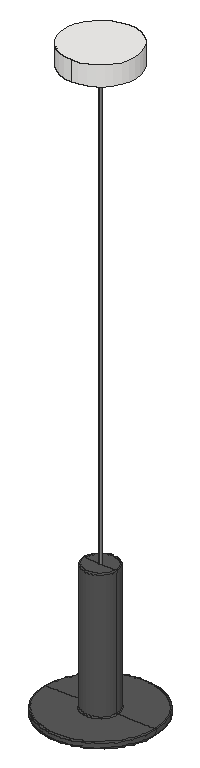
Revit family "Haworth_CieloXL_PendantLight", category Lighting Fixtures, host Ceiling, Revit 2018
Family settings
  Host = Ceiling
  Round Connector Dimension = Use Diameter
  Part Type = Normal
  OmniClass Number = 23.80.70.11
  OmniClass Title = Luminaries for Internal Lighting
  Always vertical = Yes
  Cut with Voids When Loaded = No
  Light Source = Yes
  Shared = No
  Room Calculation Point = No
Parameters (values of type "HCPL-CXP1")
  Tilt Angle = 90.00°
  Photometric Web File = "generic"
  built-in parameter 1150142 = (empty or 0)
  Lamps Width = 0' - 7 1/2"  # constant formula
  Wattage = 18 W
  Warranty = "http://www.haworth.com/resources/product-info/warranties"
  built-in parameter 1150110 = 1 (stored number, unit not read)
  URL - Product = "https://www.haworth.com/products/lighting/pendant/cielo-xl"
  URL = "http://www.haworth.com/our-brands/haworth-collection"
  Trim Finish [instance] = Haworth _ Paint _ Collection Black
  built-in parameter 1114217 = 1 (stored number, unit not read)
  built-in parameter 1150109 = 1 (stored number, unit not read)
  built-in parameter 1150134 = (empty or 0)
  built-in parameter 1150113 = 1 (stored number, unit not read)
  Size = "Verify Final Dim. w/ Haworth"  # constant formula
  Revision Number = "1"  # constant formula
  Model = "HCPL-CXP1"  # constant formula
  Min. Cords Length = 1' - 0"  # constant formula
  Max. Cords Length = 10' - 0"  # constant formula
  Manufacturer = "Haworth"  # constant formula
  Lumens = 1044 lm
  built-in parameter 1150115 = 1 (stored number, unit not read)
  built-in parameter 1150105 = 83.079 (stored number, unit not read)
  built-in parameter 1150137 = (empty or 0)
  built-in parameter 1150139 = (empty or 0)
  Lamps Depth = 0' - 7 1/2"  # constant formula
  built-in parameter 1150112 = 1 (stored number, unit not read)
  built-in parameter 1150114 = 1 (stored number, unit not read)
  built-in parameter 1150132 = (empty or 0)
  built-in parameter 1150102 = (empty or 0)
  built-in parameter 1150138 = (empty or 0)
  built-in parameter 1150107 = 2700 (stored number, unit not read)
  built-in parameter 1150106 = 0.83079 (stored number, unit not read)
  Emit from Circle Diameter = 1' - 6"
  Emit Shape Visible in Rendering = no
  built-in parameter 1150104 = 5.3884 (stored number, unit not read)
  Dimming Lamp Color Temperature Shift = <None>
  Description = "Haworth Cielo XL Pendant Light"  # constant formula
  Lamps Radius = Lamps Width / 2  # 0' - 3 3/4"
  Cords Finish = Haworth _ Metal _ Satin Aluminum_Grey-Cord TR-E05
  Color Filter = 16777215
  built-in parameter 1140040 [instance] = 1
  Cable Length [instance] = 2' - 6"
  built-in parameter 1114218 = 1 (stored number, unit not read)
  Author = "Haworth (Alias)"  # constant formula
  built-in parameter 1150133 = 10 (stored number, unit not read)
  Assembly Code = "D5020200"
  Apparent Load = 0 VA
  Actual Cable Length [instance] = if(Cable Length > Max. Cords Length, Max. Cords Length, if(Cable Length < Min. Cords Length, Min. Cords Length, Cable Length))  # 2' - 6"
Reference planes (in)
  plane 1 "Light Source Axis (F/B)": y = 0
  plane 2 "Ceiling": z = 120
  plane 3 "Light Source Axis (L/R)": x = 0
  plane 4 "Light Source Elevation": z = 79.46975
  plane 5 "Back": y = 3.75
  plane 6 "Front": y = -3.75
  plane 7 "Left": x = -3.75
  plane 8 "Right": x = 3.75
  plane 9 "Bottom Bracket": z = 118.7
  plane 10 "Bottom Lamps": z = 79.66975
  plane 11 "Bottom Cords": z = 88.7
  plane 12 "Middle Lamp": z = 80.05975
  plane 13: x = -1.12439
  plane 14 "Inside Lamp Right": x = 1.12439
Forms (in)
  Extrusion 1, solid, material "Haworth _ Paint _ Collection White"
    sketch origin (0, 0, 79.46975) x (0, -1, 0) y (1, 0, 0)
      loop
        circle (0, 0) r 2.4
    from 39.23025 to 40.53025
  Extrusion 2, solid, material "Haworth _ Metal _ Satin Aluminum_Grey-Cord TR-E05" <- "Cords Finish"
    sketch origin (0, 0, 79.66975) x (0, -1, 0) y (1, 0, 0)
      loop
        circle (0, 0) r 0.07813
    from 9.03025 to 39.03025
  Revolve 3, solid, material "Haworth _ Paint _ Collection Black" <- "Trim Finish"
    sketch origin (0, 0, 0) x (1, 0, 0) y (0, 0, 1)
      loop
        line (0, 88.7) -> (0, 79.66975) -> (3.6875, 79.66975)
        arc (3.6875, 79.66975) -> (3.73169, 79.68806) -> (3.75, 79.73225) r 0.0625
        line (3.75, 79.73225) -> (3.75, 79.99725)
        arc (3.75, 79.99725) -> (3.73169, 80.04144) -> (3.6875, 80.05975) r 0.0625
        line (3.6875, 80.05975) -> (1.18689, 80.05975)
        arc (1.18689, 80.05975) -> (1.14269, 80.07806) -> (1.12439, 80.12225) r 0.0625
        line (1.12439, 80.12225) -> (1.12439, 88.6375)
        arc (1.12439, 88.6375) -> (1.10608, 88.68169) -> (1.06189, 88.7) r 0.0625
        line (1.06189, 88.7) -> (0, 88.7)
      axis (0, 88.7) -> (0, 79.66975)
    angle from 0 to 360
Lines and regions (in)
  Masking region 1
    outline origin (0, 0, 79.46975) x (0, -1, 0) y (1, 0, 0)
      loop
        circle (0, 0) r 3.75
Dimensions and locks (in)
  equal spacing: host sketch curve, plane 3 "Light Source Axis (L/R)", host sketch curve
  equal spacing: host sketch curve, plane 1 "Light Source Axis (F/B)", host sketch curve
  host sketch curve to host sketch curve = 10' - 0"  (x2)
  locked: plane 2 "Ceiling" to plane 9 "Bottom Bracket" at 1.3
  equal spacing: plane 7 "Left", plane 3 "Light Source Axis (L/R)", plane 8 "Right"  (x2)
  locked: plane 10 "Bottom Lamps" to plane 4 "Light Source Elevation" at 0.2
  equal spacing: plane 5 "Back", plane 1 "Light Source Axis (F/B)", plane 6 "Front"
  "Cable Length": plane 9 "Bottom Bracket" to plane 11 "Bottom Cords"
  "Lamps Width": plane 7 "Left" to plane 8 "Right"
  "Lamps Depth": plane 5 "Back" to plane 6 "Front"
  locked: plane 11 "Bottom Cords" to plane 12 "Middle Lamp" at 8.64025
  locked: plane 12 "Middle Lamp" to plane 10 "Bottom Lamps" at 0.39
  locked: plane 8 "Right" to plane 14 "Inside Lamp Right" at 2.62561
  locked: plane 7 "Left" to plane 13 at 2.62561
  radius of Extrusion 1 sketch curve = 0' - 2.4"
  aligned and locked: plane 3 "Light Source Axis (L/R)" to imposter light
  aligned and locked: plane 1 "Light Source Axis (F/B)" to imposter light
  aligned and locked: plane 4 "Light Source Elevation" to imposter light
  aligned and locked: plane 2 "Ceiling" to host ceiling
  aligned and locked: plane 2 "Ceiling" to Extrusion 1
  aligned and locked: plane 9 "Bottom Bracket" to Extrusion 1
  aligned and locked: plane 3 "Light Source Axis (L/R)" to Masking region 1 sketch curve
  aligned and locked: plane 1 "Light Source Axis (F/B)" to Masking region 1 sketch curve
  aligned and locked: Extrusion 2 to plane 9 "Bottom Bracket"
  aligned and locked: plane 11 "Bottom Cords" to Extrusion 2
  aligned and locked: plane 3 "Light Source Axis (L/R)" to Extrusion 1 sketch curve
  aligned and locked: plane 1 "Light Source Axis (F/B)" to Extrusion 1 sketch curve
  aligned and locked: plane 3 "Light Source Axis (L/R)" to Revolve 3 sketch curve
  aligned and locked: Revolve 3 sketch curve to plane 14 "Inside Lamp Right"
  aligned and locked: plane 11 "Bottom Cords" to Revolve 3 sketch curve
  aligned and locked: plane 12 "Middle Lamp" to Revolve 3 sketch curve
  aligned and locked: Revolve 3 sketch curve to plane 8 "Right"
  aligned and locked: Revolve 3 sketch curve to plane 10 "Bottom Lamps"
  aligned and locked: Revolve 3 sketch curve to plane 3 "Light Source Axis (L/R)"
  aligned and locked: plane 1 "Light Source Axis (F/B)" to Extrusion 2 sketch curve
  aligned and locked: plane 3 "Light Source Axis (L/R)" to Extrusion 2 sketch curve
Automatic sketch dimensions
  plane 11 "Bottom Cords" to Revolve 3 sketch curve = 0' - 0 1/16"
  Revolve 3 sketch curve to Revolve 3 sketch curve = 0' - 0 1/16"  (x2)
  Revolve 3 sketch curve to plane 8 "Right" = 0' - 0 1/16"
  plane 4 "Light Source Elevation" to Revolve 3 sketch curve = 0' - 3.51975"
  Revolve 3 sketch curve to Revolve 3 sketch curve = 0' - 2 1/2"
  radius of Extrusion 2 sketch curve = 0' - 0 5/64"
  radius of Masking region 1 sketch curve = 0' - 3 3/4"
Connectors (in)
  electrical at (0, 0, 120), driven by "Apparent Load"
    settings: on Extrusion 1, index 1, voltage 120 V, apparent load 0 VA, apparent load phase1 0 VA, apparent load phase2 0 VA, apparent load phase3 0 VA, power factor 1, load classification "Other", number of poles 1, system type 31, power factor state 1, is connector primary yes, connector utility no, sub classification motor no, connector description ""
